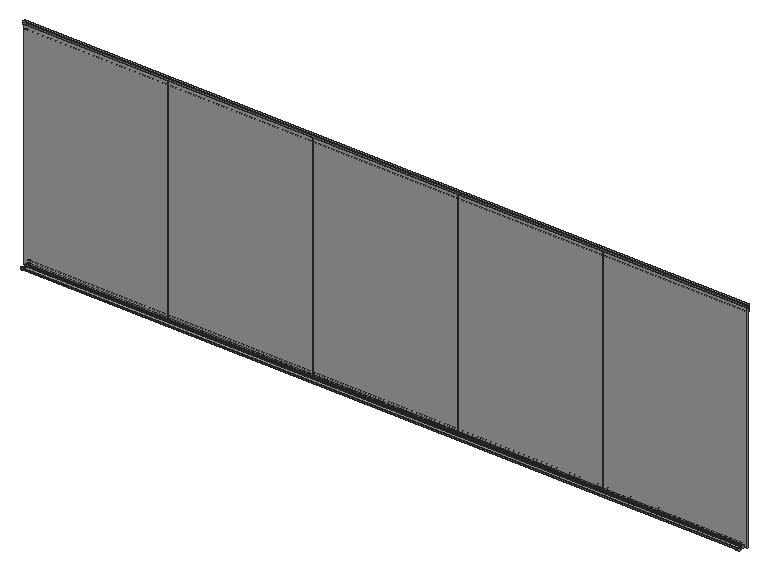
Revit family "Fluent Glass Wall 6x20", category Generic Models, Revit 2018
Family settings
  Can host rebar = No
  Round Connector Dimension = Use Diameter
  Part Type = Normal
  Work Plane-Based = No
  Always vertical = Yes
  Cut with Voids When Loaded = No
  Shared = No
  Room Calculation Point = No
Parameters
  Panel #5 = Fluent Glass Wall 6x20 Panel #5
  Panel #4 = Fluent Glass Wall 6x20 Panel #4
  Panel #3 = Fluent Glass Wall 6x20 Panel #3
  Panel #2 = Fluent Glass Wall 6x20 Panel #2
  Panel #1 = Fluent Glass Wall 6x20 Panel #1
Reference planes (in)
  plane 1 "Center (Front/Back)": y = 0
  plane 2: z = 0
  plane 3 "Center (Left/Right)": x = 0
Forms (in)
  Extrusion 1, solid, material "Fluent Glass Wall Trim Metal"
    sketch origin (-70.86614, 0, 0) x (0, 1, 0) y (0, 0, 1)
      loop
        line (-0.28802, 12.71551) -> (-0.28802, 12.22363) -> (-0.48802, 12.22363) -> (-0.48802, 12.77363) -> (-0.60087, 12.77363)
        arc (-0.60087, 12.77363) -> (-0.62209, 12.76485) -> (-0.63087, 12.74363) r 0.03
        line (-0.63087, 12.74363) -> (-0.63087, 12.45418)
        arc (-0.63087, 12.45418) -> (-0.67788, 12.32564) -> (-0.79672, 12.25776) r 0.19924
        arc (-0.79672, 12.25776) -> (-0.86084, 12.24904) -> (-0.92548, 12.24613) r 0.7187
        line (-0.92548, 12.24613) -> (-1.97548, 12.24613)
        arc (-1.97548, 12.24613) -> (-2.26159, 12.30205) -> (-2.50559, 12.4616) r 0.75985
        arc (-2.50559, 12.4616) -> (-2.80704, 12.55283) -> (-2.79142, 12.23827) r 0.19261
        arc (-2.79142, 12.23827) -> (-2.48945, 12.06146) -> (-2.14496, 12) r 0.99607
        line (-2.14496, 12) -> (0, 12) -> (0, 12.30193)
        arc (0, 12.30193) -> (-0.0275, 12.32943) -> (-0.055, 12.30193) r 0.0275
        line (-0.055, 12.30193) -> (-0.055, 12.20843) -> (-0.20802, 12.20843) -> (-0.20802, 12.69439) -> (-0.0848, 12.81762)
        arc (-0.0848, 12.81762) -> (-0.06815, 12.82253) -> (-0.055, 12.81121) r 0.01814
        line (-0.055, 12.81121) -> (-0.055, 12.65693)
        arc (-0.055, 12.65693) -> (-0.0275, 12.62943) -> (0, 12.65693) r 0.0275
        line (0, 12.65693) -> (0, 13.70847)
        arc (0, 13.70847) -> (-0.03996, 13.74843) -> (-0.07993, 13.70847) r 0.03996
        line (-0.07993, 13.70847) -> (-0.07993, 13.62094)
        arc (-0.07993, 13.62094) -> (-0.07047, 13.60109) -> (-0.05, 13.59302) r 0.03
        line (-0.05, 13.59302) -> (-0.05, 13.15338)
        arc (-0.05, 13.15338) -> (-0.07121, 13.14459) -> (-0.08, 13.12338) r 0.03
        line (-0.08, 13.12338) -> (-0.08, 12.92353) -> (-0.28802, 12.71551)
    from -46.26181 to 187.99409
  Extrusion 2, solid, material "Fluent Glass Wall Trim Metal"
    sketch origin (-70.86614, 0, 0) x (0, 1, 0) y (0, 0, 1)
      loop
        line (0, 83.35978) -> (-0.645, 83.35978)
        arc (-0.645, 83.35978) -> (-0.73852, 83.31739) -> (-0.76829, 83.21911) r 0.12436
        arc (-0.76829, 83.21911) -> (-0.57148, 82.66433) -> (-0.166, 82.23759) r 1.41542
        line (-0.166, 82.23759) -> (-0.166, 82.19574)
        arc (-0.166, 82.19574) -> (-0.16235, 82.17737) -> (-0.15194, 82.1618) r 0.048
        line (-0.15194, 82.1618) -> (-0.1, 82.10985) -> (-0.1, 81.00078)
        arc (-0.1, 81.00078) -> (-0.05, 80.95078) -> (0, 81.00078) r 0.05
        line (0, 81.00078) -> (0, 83.35978)
    from -47.24409 to 188.97638
  Extrusion 3, solid, material "Fluent Glass Wall 6x20 Panel #2" <- "Panel #2"
    sketch origin (-70.86614, 0, 0) x (0, 1, 0) y (0, 0, 1)
      loop
        line (-0.48802, 12.22363) -> (-0.28802, 12.22363) -> (-0.28802, 83.08978) -> (-0.48802, 83.08978) -> (-0.48802, 12.22363)
    from 0 to 47.24409
  Extrusion 4, solid, material "Fluent Glass Wall 6x20 Panel #1" <- "Panel #1"
    sketch origin (-70.86614, 0, 0) x (0, 1, 0) y (0, 0, -1)
      loop
        line (-0.48802, -12.22363) -> (-0.48802, -83.08978) -> (-0.28802, -83.08978) -> (-0.28802, -12.22363) -> (-0.48802, -12.22363)
    from 0 to 47.24409
  Extrusion 5, solid, material "Fluent Glass Wall Trim Black"
    sketch origin (-70.86614, 0, 0) x (0, 1, 0) y (0, 0, -1)
      loop
        line (-0.48802, -12.80488) -> (-0.48802, -11.96875) -> (-2.14496, -11.96875)
        arc (-2.14496, -11.96875) -> (-2.49924, -12.03177) -> (-2.81005, -12.2131) r 1.02732
        arc (-2.81005, -12.2131) -> (-2.82851, -12.57569) -> (-2.47857, -12.47895) r 0.22386
        arc (-2.47857, -12.47895) -> (-2.24646, -12.32965) -> (-1.97548, -12.27738) r 0.7286
        line (-1.97548, -12.27738) -> (-0.92548, -12.27738)
        arc (-0.92548, -12.27738) -> (-0.86355, -12.28017) -> (-0.80213, -12.28853) r 0.68745
        arc (-0.80213, -12.28853) -> (-0.70181, -12.34573) -> (-0.66212, -12.45418) r 0.16799
        line (-0.66212, -12.45418) -> (-0.66212, -12.74363)
        arc (-0.66212, -12.74363) -> (-0.64418, -12.78694) -> (-0.60087, -12.80488) r 0.06125
        line (-0.60087, -12.80488) -> (-0.48802, -12.80488)
    from 45.75863 to 46.29027
  Extrusion 6, solid, material "Fluent Glass Wall 6x20 Panel #3" <- "Panel #3"
    sketch origin (-23.62205, 0, 0) x (0, 1, 0) y (0, 0, 1)
      loop
        line (-0.48802, 12.22363) -> (-0.28802, 12.22363) -> (-0.28802, 83.08978) -> (-0.48802, 83.08978) -> (-0.48802, 12.22363)
    from 0 to 47.24409
  Extrusion 7, solid, material "Fluent Glass Wall 6x20 Panel #4" <- "Panel #4"
    sketch origin (23.62205, 0, 0) x (0, 1, 0) y (0, 0, 1)
      loop
        line (-0.48802, 12.22363) -> (-0.28802, 12.22363) -> (-0.28802, 83.08978) -> (-0.48802, 83.08978) -> (-0.48802, 12.22363)
    from 0 to 47.24409
  Extrusion 8, solid, material "Fluent Glass Wall 6x20 Panel #5" <- "Panel #5"
    sketch origin (70.86614, 0, 0) x (0, 1, 0) y (0, 0, 1)
      loop
        line (-0.48802, 12.22363) -> (-0.28802, 12.22363) -> (-0.28802, 83.08978) -> (-0.48802, 83.08978) -> (-0.48802, 12.22363)
    from 0 to 47.24409
  Extrusion 9, solid, material "Fluent Glass Wall Trim Black"
    sketch origin (70.86614, 0, 0) x (0, 1, 0) y (0, 0, 1)
      loop
        line (-0.48802, 12.80488) -> (-0.60087, 12.80488)
        arc (-0.60087, 12.80488) -> (-0.64418, 12.78694) -> (-0.66212, 12.74363) r 0.06125
        line (-0.66212, 12.74363) -> (-0.66212, 12.45418)
        arc (-0.66212, 12.45418) -> (-0.70181, 12.34573) -> (-0.80213, 12.28853) r 0.16799
        arc (-0.80213, 12.28853) -> (-0.86355, 12.28017) -> (-0.92548, 12.27738) r 0.68745
        line (-0.92548, 12.27738) -> (-1.97548, 12.27738)
        arc (-1.97548, 12.27738) -> (-2.24646, 12.32965) -> (-2.47857, 12.47895) r 0.7286
        arc (-2.47857, 12.47895) -> (-2.82851, 12.57569) -> (-2.81005, 12.2131) r 0.22386
        arc (-2.81005, 12.2131) -> (-2.49924, 12.03177) -> (-2.14496, 11.96875) r 1.02732
        line (-2.14496, 11.96875) -> (-0.48802, 11.96875) -> (-0.48802, 12.80488)
    from 45.75863 to 46.29027
Dimensions and locks (in)
  aligned and locked: plane 2 to level
